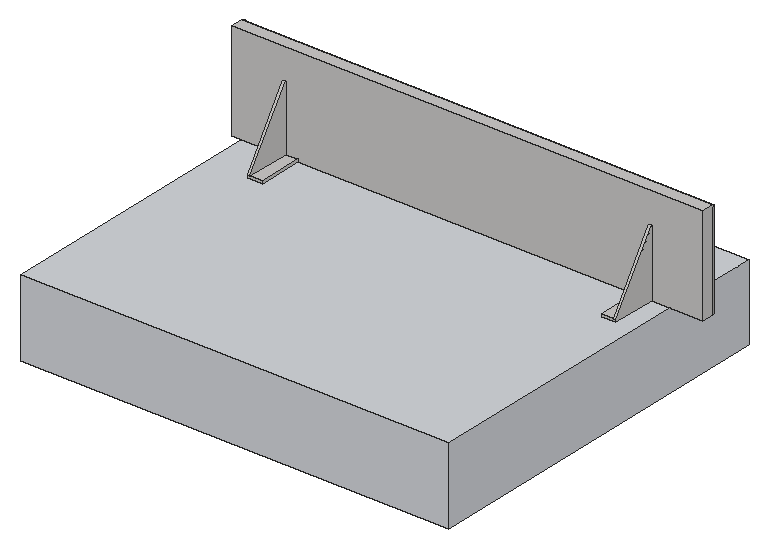
Revit family
Parameters (values of type "24in Length")
  Warranty Duration (Years) = 0
  Unit Length = 2' - 0"
  Unit Height = 0' - 3"
  Unit Depth = 0' - 5"
  URL = "http://www.bobrick.com/Pages/default.aspx"
  Test Data = ""
  Support Inset = 0' - 3"
  Specification = ""
  SpecWizard = ""
  Send Message = "http://www.arcat.com/users.pl?action=UserEmail&company=Bobrick+Washroom+Equipment,+Inc.&coid=30988&rep=156&fax=818-503-1930&mf="
  Sales Information = "http://www.bobrick.com/Pages/ContactUs.aspx"
  Revision = "R1_2014-10"
  Region Restriction = "None"
  Product Properties = ""
  Product Data = "http://arcat.com/arcatcos/cos30/arc30988.html"
  Mounting Height [instance] = 2' - 5 1/2"
  Model = "B-295 x 24"
  Manufacturer Website = "http://www.bobrick.com/Pages/default.aspx"
  Manufacturer Phone - Toll Free = ""
  Manufacturer Phone = "818-764-1000"
  Manufacturer Fax = "818-503-1930"
  Manufacturer Address = "11611 Hart St. North Hollywood, CA 91605-5882"
  Manufacturer = "Bobrick Washroom Equipment, Inc."
  Maintenance Schedule (Months) = 0
  Keynote = "102813"
  Installation-Fabrication = "http://www.bobrick.com/washroomaccessories/Pages/WashroomAccessories.aspx"
  Installation Phase = ""
  Green Building-LEED = ""
  Finish Material = Stainless Steel - Bobrick - Satin
  Expected Lifespan (Years) = 0
  Drawn By = "Sumex Design, Inc. / Robert S. Weygant, CSI, CDT, SCIP"
  Description = "Bobrick Stainless Steel Shelf - B-295 x 24"
  Default Elevation = 0' - 0"
  Copyright = "©Arcat Inc."
  Construction Details = ""
  Building Codes = ""
  Assembly Code = "E1090900"
Types (3): name | Unit Length | Support Inset | Model | Description
  24in Length | 2' - 0" | 0' - 3" | "B-295 x 24" | "Bobrick Stainless Steel Shelf - B-295 x 24"
  18in Length | 1' - 6" | 0' - 3" | "B-295 x 18" | "Bobrick Stainless Steel Shelf - B-295 x 18"
  16in Length | 1' - 4" | 0' - 2" | "B-295 x 16" | "Bobrick Stainless Steel Shelf - B-295 x 16"
Reference planes (in)
  plane 1 "ADA Mount Line": y = -15.3941956
  plane 2: z = 0
  plane 3 "Center (Left/Right)": x = 0
  plane 4: x = -12
  plane 5: x = 12
  plane 6 "FF": y = -44.8941956
  plane 7: y = -18.3941956
  plane 8: x = -9
  plane 9: x = 9
Forms (in)
  Extrusion 1, solid
    sketch origin (0, 0, 0) x (1, 0, 0) y (0, 1, 0)
      loop
        line (-11.5, -11.1441956) -> (-11.5, -30.2103675) -> (10.3042608, -30.2103675) -> (10.3042608, -11.1441956) -> (-11.5, -11.1441956)
    from 0 to -3.8971135
  Extrusion 2, solid, material "Stainless Steel - Bobrick - Satin" <- "Finish Material"
    sketch origin (0, 0, 0) x (1, 0, 0) y (0, 1, 0)
      loop
        line (-12, -15.3941956) -> (-12, -16.1441956) -> (12, -16.1441956) -> (12, -15.3941956) -> (-12, -15.3941956)
    from 0 to 5
  Extrusion 3, solid, material "Stainless Steel - Bobrick - Satin" <- "Finish Material"
    sketch origin (0, 0, 0) x (1, 0, 0) y (0, 1, 0)
      loop
        line (-9.375, -16.1441956) -> (-9.375, -18.3941956) -> (-8.625, -18.3941956) -> (-8.625, -16.1441956) -> (-9.375, -16.1441956)
      loop
        line (8.625, -16.1441956) -> (8.625, -18.3941956) -> (9.375, -18.3941956) -> (9.375, -16.1441956) -> (8.625, -16.1441956)
    from 0 to 0.125
  Sweep 4, void
    path in 3D
      loop
        line (-12, -15.3941956, 0) -> (12, -15.3941956, 0) -> (12, -15.3941956, 5) -> (-12, -15.3941956, 5) -> (-12, -15.3941956, 0)
    profile origin (-12, -15.3941956, 2.5) x (-1, 0, 0) y (0, -1, 0)
      loop
        line (0, 0) -> (0, 0.125)
        arc (0, 0.125) -> (-0.0366117, 0.0366117) -> (-0.125, 0) r 0.125
        line (-0.125, 0) -> (0, 0)
  Extrusion 5, solid, material "Stainless Steel - Bobrick - Satin" <- "Finish Material"
    sketch origin (-9, -12.5865258, 48) x (0, 1, 0) y (0, 0, 1)
      loop
        line (-5.8076698, -47.875) -> (-2.8076698, -47.875) -> (-2.8076698, -43.4273171) -> (-5.8076698, -47.875)
    from -0.25 to -0.375
  Extrusion 6, solid, material "Stainless Steel - Bobrick - Satin" <- "Finish Material"
    sketch origin (9, -12.5865258, 48) x (0, 1, 0) y (0, 0, 1)
      loop
        line (-5.8076698, -47.875) -> (-2.8076698, -47.875) -> (-2.8076698, -43.4273171) -> (-5.8076698, -47.875)
    from 0.25 to 0.375
Cuts and joins
  Sweep 4 cuts Extrusion 2
  joined: Extrusion 2, Extrusion 3, Extrusion 5, Extrusion 6
Lines and regions (in)
  sketch lines
    curve 1: line (-12, -15.3941956, 5) -> (-12, -15.3941956, 0)
    curve 2: line (12, -15.3941956, 5) -> (-12, -15.3941956, 5)
    curve 3: line (12, -15.3941956, 5) -> (12, -15.3941956, 0)
    curve 4: line (-12, -15.3941956, 0) -> (12, -15.3941956, 0)
Dimensions and locks (in)
  equal spacing: plane 4, plane 3 "Center (Left/Right)", plane 5
  "Unit Length": plane 4 to plane 5
  "Mounting Height": plane 1 "ADA Mount Line" to plane 6 "FF"
  "Unit Height": plane 7 to plane 1 "ADA Mount Line"
  locked: Extrusion 2 sketch curve to plane 1 "ADA Mount Line" at 0.75
  "Support Inset": plane 4 to plane 8
  "Support Inset": plane 9 to plane 5
  Extrusion 3 sketch curve to plane 8 to Extrusion 3 sketch curve = 0' - 0 3/8" locked, 0' - 0 3/8" locked
  Extrusion 3 sketch curve to plane 9 to Extrusion 3 sketch curve = 0' - 0 3/8" locked, 0' - 0 3/8" locked
  locked: Extrusion 3 sketch curve to plane 1 "ADA Mount Line" at 0.75  (x2)
  aligned and locked: plane 2 to Extrusion 1
  aligned and locked: level to Extrusion 1
  aligned and locked: Extrusion 2 sketch curve to plane 4
  aligned and locked: plane 5 to Extrusion 2 sketch curve
  aligned and locked: Extrusion 2 sketch curve to plane 1 "ADA Mount Line"
  aligned and locked: plane 7 to Extrusion 3 sketch curve  (x2)
Automatic sketch dimensions
  Extrusion 1 sketch curve to Extrusion 1 sketch curve = 1' - 9.80426"
  Extrusion 1 sketch curve to Extrusion 1 sketch curve = 1' - 7.06617"
  Sweep 4 sketch curve to profile plane = 0' - 0"  (x2)
  Sweep 4 sketch curve to Sweep 4 sketch curve = 0' - 0 1/8"
  Extrusion 5 sketch curve to plane 7 = 0' - 0"
  Extrusion 5 sketch curve to plane 1 "ADA Mount Line" = 0' - 0"
  level to Extrusion 5 sketch curve = 0' - 0 1/8"
  Extrusion 5 sketch curve to Extrusion 5 sketch curve = 0' - 4.44768"
  Extrusion 6 sketch curve to plane 7 = 0' - 0"
  Extrusion 6 sketch curve to plane 1 "ADA Mount Line" = 0' - 0"
  level to Extrusion 6 sketch curve = 0' - 0 1/8"
  Extrusion 6 sketch curve to Extrusion 6 sketch curve = 0' - 4.44768"
